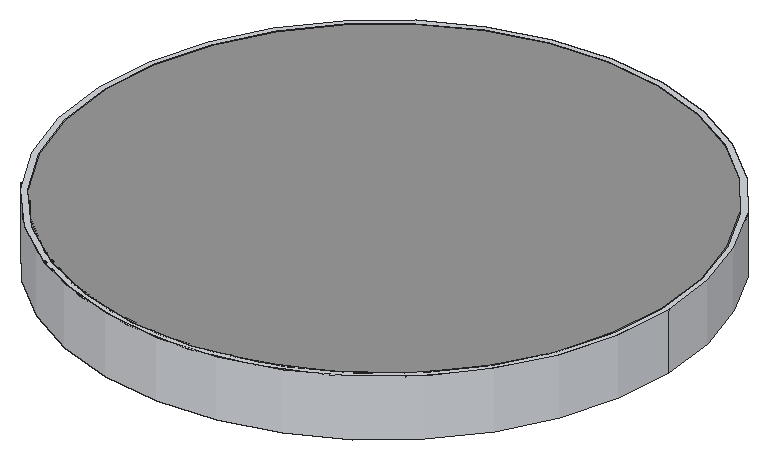
Revit family "2071169", category Lighting Fixtures, host Face, Revit 2018
Family settings
  Host = Face
  Round Connector Dimension = Use Diameter
  Part Type = Normal
  OmniClass Number = 23.80.70.00
  OmniClass Title = Lighting
  Cut with Voids When Loaded = No
  Light Source = Yes
  Shared = No
  Room Calculation Point = No
Parameters (values of type "2071169 COLOSSAL 600 830 PR DIR WHT DALI")
  iner diameter = 588 mm
  Weight = "n/a"
  Wattage Comments = ""
  Wattage = 30 W
  WarrantyStartDate [instance] = "n/a"
  WarrantyGuarantorParts = "n/a"
  WarrantyDurationUnit = "n/a"
  WarrantyDurationParts = ""
  WarrantyDescription = "http://www.sylvania-lighting.com"
  built-in parameter 1150110 = 1 (stored number, unit not read)
  Voltage = 230 V
  URL = "0.99"
  TypeName = "COLOSSAL 600mm 830 PRISM DIR WHITE DALI"
  Type Image = <None>
  Type Comments = "n/a"
  built-in parameter 1114217 = 1 (stored number, unit not read)
  Tilt Angle = -90.00°
  built-in parameter 1150109 = 1 (stored number, unit not read)
  built-in parameter 1150134 = (empty or 0)
  built-in parameter 1150113 = 1 (stored number, unit not read)
  SerialNumber [instance] = "n/a"
  Photometric Web File = "2071169.ies"
  Material_3_SYL = LED-Sylvania
  PowerFactor = 0
  PowerConsumption = "Lighting"
  NominalLength = 600 mm
  NominalHeight = 93 mm
  NominalDepth = 600 mm
  Name = "COLOSSAL 600mm 830 PRISM DIR WHITE DALI"
  ModelReference = Name  # "COLOSSAL 600mm 830 PRISM DIR WHITE DALI"
  ModelNumber = "2071169"
  Model = Name  # "COLOSSAL 600mm 830 PRISM DIR WHITE DALI"
  Material = "Feilo Sylvania"
  ManufacturerName = "122 lm/W"
  Manufacturer = ""
  LuminousEfficacy = ""
  built-in parameter 1150105 = 270.44 (stored number, unit not read)
  Lumens = 3398.4 lm
  LuminaireType = "0"
  built-in parameter 1150115 = 1 (stored number, unit not read)
  LightOutputRatio = "LED"
  built-in parameter 1150137 = (empty or 0)
  built-in parameter 1150139 = (empty or 0)
  LampsType = Lamp  # "n/a"
  LampNominalLuminous = "3000 K"
  LampMacAdamStep = "80"
  LampColourTemperature = "LED"
  LampColourRenderingIndex = "16500"
  built-in parameter 1150112 = 1 (stored number, unit not read)
  built-in parameter 1150114 = 1 (stored number, unit not read)
  Lamp = "n/a"
  Keynote = "n/a"
  InstallationDate [instance] = "n/a"
  InputVoltage = "0"
  InputNominalFrequency = "3000"
  built-in parameter 1150132 = (empty or 0)
  built-in parameter 1150102 = (empty or 0)
  built-in parameter 1150107 = 3000 (stored number, unit not read)
  built-in parameter 1150138 = (empty or 0)
  IngressProtection = "IfcLightFixtureType"
  ImpactProtectionIndex = "IfcLightFixtureType"
  built-in parameter 1150106 = 2.7044 (stored number, unit not read)
  IfcExportType = "IfcLightFixtureType"
  IfcExportAs = "Class I"
  Emit from Circle Diameter = 385 mm
  Emit Shape Visible in Rendering = no
  ElectricShockClassification = "122"
  built-in parameter 1150104 = 10.524 (stored number, unit not read)
  DocumentationLiterature = "http://www.sylvania-lighting.com/product/en-int/products/2071169"
  DimmingControlOptions = "n/a"
  Material_2_SYL = Polycarbonate_Sylvania_White
  Dimming Lamp Color Temperature Shift = <None>
  Description = "600mm diameter circular architectural luminaire, can be surface mounted or suspended. Powder coated aluminium housing (RAL9016) with PMMA prismatic diffuser. Direct light distribution, 3805lm luminuous flux, 31.3W system power, 122lm/W luminiaire efficacy. DALI dimmable. Colour rendering index Ra >80, 3000K Warm White LED, chromaticity tolerance of 3-step MacAdam ellipse. IP40, IK03. 350mA drive current. UGR≤19. Electrical protection Class1, 220-240V. Reported lifetime 66k hours L90B10."
  Default Elevation = 1219.2 mm
  CreatedOn = "23/03/2022"
  CreatedBy = "@sylvania-lighting.com"
  Cost = 0
  Color Filter = 16777215
  built-in parameter 1114216 [instance] = (empty or 0)
  ClassificationValue = "EF_70_80"
  ClassificationName = "Uniclass2015"
  Material_1_SYL = Polycarbonate_Sylvania_Opal
  BarCode [instance] = "n/a"
  built-in parameter 1114218 = 1 (stored number, unit not read)
  built-in parameter 1150133 = 10 (stored number, unit not read)
  AssetType = "Fixed"
  AssetIdentifier [instance] = "n/a"
  Assembly Code = "D5020200"
  Apparent Load = 31.3 VA
  Material_4_SYL = none
Reference planes
  plane 1 "Center (Front/Back)": y = 0
  plane 2: z = 0
  plane 3 "Center (Left/Right)": x = 0
  plane 4: x = -300
  plane 5: x = 300
  plane 6: y = 300
  plane 7: y = -300
  plane 8: y = 212
  plane 9: y = -212
  plane 10: z = 93
  plane 11: y = 294
  plane 12: y = -294
  plane 13: through (0, 0, 1219.2) normal (0.5, -0.866, 0)
  plane 14: through (-134.29, 20.617, 1219.2) normal (0.5, -0.866, 0)
  plane 15: through (-144.685, -181.683, 1219.2) normal (-0.5, 0.866, 0)
  plane 16: through (0, 0, 1219.2) normal (0.5, 0.866, 0)
  plane 17: through (178.555, -4.939, 1219.2) normal (0.5, 0.866, 0)
  plane 18: through (87.581, -148.715, 1219.2) normal (0.5, 0.866, 0)
  plane 19: y = 272
  plane 20: through (105.168, 227.067, 1219.2) normal (0.866, 0.5, 0)
  plane 21: through (-104.171, 225.672, 1219.2) normal (0.8572, -0.515, 0)
  plane 22: y = -204.612
  plane 23: through (-296.643, -30.2, 1219.2) normal (0.866, 0.5, 0)
  plane 24: through (153.092, -278.837, 1219.2) normal (-0.866, 0.5, 0)
Forms (mm)
  Extrusion 1, solid, detail levels medium+fine
    sketch origin (0, 0, 0) x (1, 0, 0) y (0, 1, 0)
      loop
        circle (0, 0) r 300
    from 33.023 to 93
  Extrusion 2, void
    sketch origin (0, 0, 0) x (1, 0, 0) y (0, 1, 0)
      loop
        circle (0, 0) r 294
    from 93 to 37.292
  Extrusion 3, solid, material "Glass, White, High Luminance", detail levels fine
    sketch origin (0, 0, 0) x (1, 0, 0) y (0, 1, 0)
      loop
        circle (0, 0) r 294
    from 88.026 to 93
  Extrusion 4, solid, detail levels coarse
    sketch origin (0, 0, 0) x (1, 0, 0) y (0, 1, 0)
      loop
        line (-300, 300) -> (-300, -300) -> (300, -300) -> (300, 300) -> (-300, 300)
    from 0 to 93
  Blend 5, solid, detail levels medium+fine
    base sketch origin (0, 0, 0) x (1, 0, 0) y (0, 1, 0)
      loop
        line (-76.334, 272) -> (-277.665, -63.07) -> (-195.946, -204.612) -> (195.946, -204.612) -> (275.172, -67.388) -> (79.226, 272) -> (-76.334, 272)
    top sketch origin (0, 0, 0) x (1, 0, 0) y (0, 1, 0)
      loop
        line (-226.097, -32.388) -> (-141.097, -179.612) -> (141.097, -179.612) -> (226.097, -32.388) -> (85, 212) -> (-85, 212) -> (-226.097, -32.388)
    from 33.023 to 0
Cuts and joins
  Extrusion 2 cuts Extrusion 1
Lines and regions (mm)
  model lines
    curve 1: line (-85, 212, 0) -> (0, 212, 0)
    curve 2: line (0, 212, 0) -> (85, 212, 0)
Dimensions and locks
  "NominalDepth": plane 6 to plane 7
  "NominalLength": plane 4 to plane 5
  equal spacing: plane 4, plane 3 "Center (Left/Right)", plane 5
  "iner diameter": plane 11 to plane 12
  equal spacing: plane 11, plane 1 "Center (Front/Back)", plane 12
  equal spacing: plane 6, plane 1 "Center (Front/Back)", plane 7
  "NominalHeight": plane 10 to level
  radius of Extrusion 2 sketch curve = 294 mm
  aligned and locked: plane 2 to host face
  aligned and locked: level to host face
Automatic sketch dimensions
  host sketch curve to host sketch curve = 2438.4 mm  (x2)
  plane 1 "Center (Front/Back)" to Extrusion 1 sketch curve = 0 mm
  Extrusion 1 sketch curve to plane 3 "Center (Left/Right)" = 0 mm
  plane 1 "Center (Front/Back)" to Extrusion 2 sketch curve = 0 mm
  Extrusion 2 sketch curve to plane 3 "Center (Left/Right)" = 0 mm
  plane 1 "Center (Front/Back)" to Extrusion 3 sketch curve = 0 mm
  Extrusion 3 sketch curve to plane 3 "Center (Left/Right)" = 0 mm
  Extrusion 4 sketch curve to plane 4 = 0 mm
  Extrusion 4 sketch curve to plane 5 = 0 mm
  Extrusion 4 sketch curve to plane 7 = 0 mm
  Extrusion 4 sketch curve to plane 6 = 0 mm
  Blend 5 sketch curve to plane 8 = 0 mm
  Blend 5 sketch curve to plane 3 "Center (Left/Right)" = 85 mm
  plane 3 "Center (Left/Right)" to Blend 5 sketch curve = 85 mm
  plane 9 to Blend 5 sketch curve = 32.388 mm
  plane 3 "Center (Left/Right)" to Blend 5 sketch curve = 141.097 mm
  plane 1 "Center (Front/Back)" to Blend 5 sketch curve = 32.388 mm  (x2)
  Blend 5 sketch curve to plane 5 = 73.903 mm
  Blend 5 sketch curve to plane 3 "Center (Left/Right)" = 141.097 mm
  plane 4 to Blend 5 sketch curve = 73.903 mm
  curve 1 to plane 8 = 0 mm
  curve 2 to plane 3 "Center (Left/Right)" = 0 mm
  curve 1 to plane 3 "Center (Left/Right)" = 85 mm
  curve 1 to curve 2 = 85 mm
  Blend 5 sketch curve to plane 21 = 0 mm
  Blend 5 sketch curve to plane 23 = 0 mm  (x2)
  Blend 5 sketch curve to plane 22 = 0 mm
  Blend 5 sketch curve to plane 19 = 0 mm
  plane 21 to Blend 5 sketch curve = 0 mm
  Blend 5 sketch curve to plane 20 = 0 mm  (x2)
  Blend 5 sketch curve to plane 24 = 0 mm  (x2)
  radius of Extrusion 1 sketch curve = 300 mm
  radius of Extrusion 3 sketch curve = 294 mm
Connectors
  electrical at (0, 0, 0), driven by "Apparent Load", driven by "PowerFactor", driven by "Voltage"
    settings: index 1, voltage 230 V, apparent load 31.3 VA, apparent load phase1 0 VA, apparent load phase2 0 VA, apparent load phase3 0 VA, power factor 0, load classification "Lighting", number of poles 1, system type 30, power factor state 1, is connector primary yes, connector utility no, sub classification motor no, connector description ""
